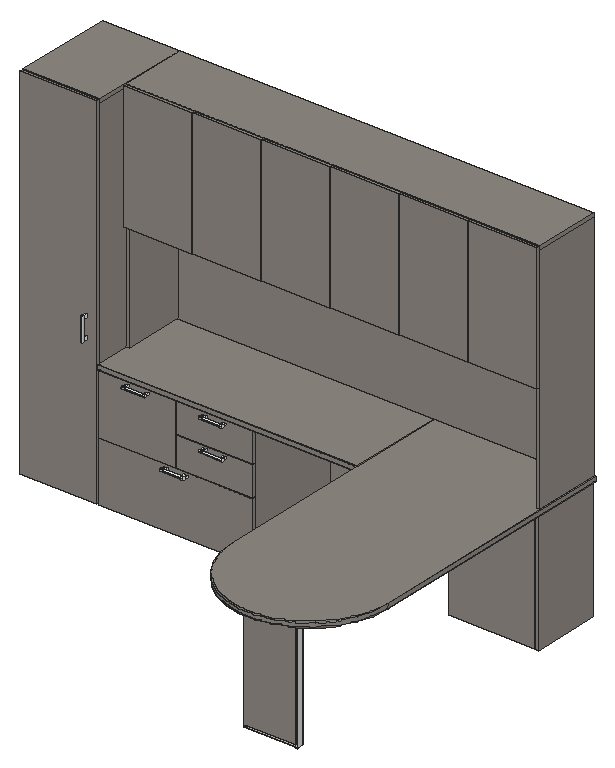
Revit family "JSI-Vision-Typical_Veneer-VSV013", category Furniture, Revit 2020 (continued)
Definition of nested family "JSI-Vision-Executive_Base"
  Forms (in)
    Extrusion 2, solid, material <- "Support Finish"
      sketch origin (0, 0, 0) x (1, 0, 0) y (0, 1, 0)
        loop
          line (3.5, -12.25) -> (3.5, -0.25)
          arc (3.5, -0.25) -> (3.4267767, -0.0732233) -> (3.25, 0) r 0.25
          line (3.25, 0) -> (-3.25, 0)
          arc (-3.25, 0) -> (-3.4267767, -0.0732233) -> (-3.5, -0.25) r 0.25
          line (-3.5, -0.25) -> (-3.5, -12.25)
          arc (-3.5, -12.25) -> (-3.4267767, -12.4267767) -> (-3.25, -12.5) r 0.25
          line (-3.25, -12.5) -> (3.25, -12.5)
          arc (3.25, -12.5) -> (3.4267767, -12.4267767) -> (3.5, -12.25) r 0.25
      from 28.1875 to 28.3125
    Extrusion 3, solid, material <- "Panel Finish"
      sketch origin (0, 0, 0) x (0, 1, 0) y (0, 0, 1)
        loop
          line (0, 28.1875) -> (-12, 28.1875) -> (-12, 0.5) -> (0, 0.5) -> (0, 28.1875)
      from -0.75 to 0.75
  Lines and regions (in)
    symbolic lines
      curve 1: line (3.5, -12.25, 0) -> (3.5, -0.25, 0)
      curve 2: arc (3.5, -0.25, 0) -> (3.4267767, -0.0732233, 0) -> (3.25, 0, 0) r 0.25
      curve 3: line (3.25, 0, 0) -> (-3.25, 0, 0)
      curve 4: arc (-3.25, 0, 0) -> (-3.4267767, -0.0732233, 0) -> (-3.5, -0.25, 0) r 0.25
      curve 5: line (-3.5, -0.25, 0) -> (-3.5, -12.25, 0)
      curve 6: arc (-3.5, -12.25, 0) -> (-3.4267767, -12.4267767, 0) -> (-3.25, -12.5, 0) r 0.25
      curve 7: line (-3.25, -12.5, 0) -> (3.25, -12.5, 0)
      curve 8: arc (3.25, -12.5, 0) -> (3.4267767, -12.4267767, 0) -> (3.5, -12.25, 0) r 0.25
      curve 9: line (0.75, -12.5, 0) -> (0.75, 0, 0)
      curve 10: line (-0.75, 0, 0) -> (-0.75, -12.5, 0)
  Dimensions and locks (in)
    "Height": plane 5 to plane 4
    equal spacing: plane 6, plane 3 "Center Left/Right", plane 7
    plane 6 to plane 7 = 7"
    "Width": plane 8 to plane 1 "Center Front/Back"
    equal spacing: plane 9, plane 3 "Center Left/Right", plane 10, locked at 0.75 each
    "Depth": plane 9 to plane 10
    locked: Sweep 1 sketch curve to plane 4 at 0.5
    locked: plane 11 to plane 5 at 0.125
    locked: Extrusion 3 to plane 4 at 0.5
    locked: Extrusion 3 to plane 8 at 0.5
    aligned and locked: level to plane 2
    aligned and locked: plane 4 to Sweep 1 sketch curve
    aligned and locked: Sweep 1 sketch curve to plane 9
    aligned and locked: Sweep 1 sketch curve to plane 10
    aligned and locked: Extrusion 2 sketch curve to plane 1 "Center Front/Back"
    aligned and locked: plane 8 to Extrusion 2 sketch curve
    aligned and locked: plane 6 to Extrusion 2 sketch curve
    aligned and locked: Extrusion 2 sketch curve to plane 7
    aligned and locked: plane 5 to Extrusion 2
    aligned and locked: plane 11 to Extrusion 2
    aligned and locked: plane 11 to Sweep 1 sketch curve
    aligned and locked: Extrusion 3 to plane 1 "Center Front/Back"
    aligned and locked: Extrusion 3 to plane 11
    aligned and locked: plane 9 to Extrusion 3
    aligned and locked: plane 10 to Extrusion 3
    aligned and locked: curve 2 to Extrusion 2
    aligned and locked: curve 4 to Extrusion 2
    aligned and locked: curve 6 to Extrusion 2
    aligned and locked: curve 8 to Extrusion 2
    aligned and locked: curve 9 to Extrusion 3
    aligned and locked: curve 10 to Extrusion 3
  Automatic sketch dimensions
    Sweep 1 sketch curve to plane 8 = 0"
    Sweep 1 sketch curve to level = 0"
    Sweep 1 sketch curve to plane 1 "Center Front/Back" = 0"
    Sweep 1 sketch curve to Sweep 1 sketch curve = 0.03036"
    Sweep 1 sketch curve to Sweep 1 sketch curve = 1/32"
    profile plane to Sweep 1 sketch curve = 1/32"  (x2)
    Extrusion 2 sketch curve to Extrusion 2 sketch curve = 1/4"  (x2)
    Extrusion 2 sketch curve to plane 6 = 1/4"
    plane 7 to Extrusion 2 sketch curve = 1/4"
    Extrusion 3 sketch curve to plane 8 = 1/2"
    Extrusion 3 sketch curve to Extrusion 3 sketch curve = 12"
    level to Extrusion 3 sketch curve = 1/2"
    plane 11 to Extrusion 3 sketch curve = 0"
Definition of nested family "JSI-Vision-Support_Rail_Work_Surface"
  Parameters (values of type "GP0243SB, Metal Support Rail for Work Surface  2W 43 L 3/4H")
    Width = 43"
    URL = "www.jsifurniture.com"
    Type Comments = ""
    Series = "Vision Casegoods"  # constant formula
    Support Finish = none
    Model = "GP0243SB"
    Material = ""
    Manufacturer = "JSI"  # constant formula
    Keynote = "12500"  # constant formula
    JSI Enviromental Website = "http://www.jsifurniture.com/jsi_sustainability_intro.php"
    Height = 25/32"
    Description = "Metal Support Rail for Work Surface  2W 43 L 3/4H"
    Depth = 2"
    Default Elevation = 0"
    Assembly Code = "E2020200"
  Types (3): name | Width | Model | Description
    GP0243SB, Metal Support Rail for Work Surface  2W 43 L 3/4H | 43" | "GP0243SB" | "Metal Support Rail for Work Surface  2W 43 L 3/4H"
    GP0249SB, Metal Support Rail for Work Surface  2W49 L 3/4H | 49" | "GP0249SB" | "Metal Support Rail for Work Surface  2W49 L 3/4H"
    GP0255SB, Metal Support Rail for Work Surface  2W 55 L 3/4H | 55" | "GP0255SB" | "Metal Support Rail for Work Surface  2W 55 L 3/4H"
  Reference planes (in)
    plane 1 "Center Front/Back": y = 0
    plane 2: z = 0
    plane 3 "Center Left/Right": x = 0
    plane 4: z = 0
    plane 5: z = 27.8122205
    plane 6: x = 43
    plane 7: y = -2
  Forms (in)
    Extrusion 1, solid, material <- "Support Finish"
      sketch origin (0, 0, 0) x (0, 1, 0) y (0, 0, 1)
        loop
          line (0, 27.7497205) -> (0, 27.8122205) -> (-0.533449, 27.8122205) -> (-1, 27.112394) -> (-1.466551, 27.8122205) -> (-2, 27.8122205) -> (-2, 27.7497205) -> (-1.5, 27.7497205) -> (-1.0404758, 27.0604342)
          arc (-1.0404758, 27.0604342) -> (-1, 27.0387722) -> (-0.9595242, 27.0604342) r 0.0486459
          line (-0.9595242, 27.0604342) -> (-0.5, 27.7497205) -> (0, 27.7497205)
      from 0 to 43
  Lines and regions (in)
    symbolic lines
      curve 1: line (0, 0, 0) -> (43, 0, 0)
      curve 2: line (0, -2, 0) -> (0, 0, 0)
      curve 3: line (43, -2, 0) -> (0, -2, 0)
      curve 4: line (43, 0, 0) -> (43, -2, 0)
      curve 5: line (0, -1.466551, 0) -> (43, -1.466551, 0)
      curve 6: line (43, -0.533449, 0) -> (0, -0.533449, 0)
      curve 7: line (0, -1, 0) -> (43, -1, 0)
  Dimensions and locks (in)
    "Width": plane 3 "Center Left/Right" to plane 6
    "Depth": plane 1 "Center Front/Back" to plane 7
    aligned and locked: level to plane 2
    aligned and locked: plane 4 to plane 2
    aligned and locked: Extrusion 1 to plane 3 "Center Left/Right"
    aligned and locked: plane 6 to Extrusion 1
    aligned and locked: plane 3 "Center Left/Right" to curve 2
    aligned and locked: curve 4 to plane 6
    aligned and locked: plane 1 "Center Front/Back" to curve 1
    aligned and locked: plane 7 to curve 3
    aligned and locked: curve 5 to Extrusion 1
    aligned and locked: curve 6 to Extrusion 1
    aligned and locked: curve 7 to Extrusion 1
  Automatic sketch dimensions
    Extrusion 1 sketch curve to plane 7 = 0"
    Extrusion 1 sketch curve to plane 5 = 0"  (x2)
    Extrusion 1 sketch curve to plane 1 "Center Front/Back" = 0"
    Extrusion 1 sketch curve to plane 5 = 1/16"  (x2)
    Extrusion 1 sketch curve to Extrusion 1 sketch curve = 1/2"
    Extrusion 1 sketch curve to Extrusion 1 sketch curve = 0.03345"  (x2)
    Extrusion 1 sketch curve to Extrusion 1 sketch curve = 0.45952"
    Extrusion 1 sketch curve to Extrusion 1 sketch curve = 0.04048"  (x2)
    Extrusion 1 sketch curve to Extrusion 1 sketch curve = 0"
    Extrusion 1 sketch curve to Extrusion 1 sketch curve = 0.53345"
    Extrusion 1 sketch curve to plane 5 = 0.69983"
    Extrusion 1 sketch curve to Extrusion 1 sketch curve = 0.02498"
    Extrusion 1 sketch curve to Extrusion 1 sketch curve = 0.02698"
Definition of nested family "JSI-Vision-Modular_Wing_End_Support"
  Parameters (values of type "Wing End Sup - Type Catalog Family")
    Width = 16"
    URL = "www.jsifurniture.com"
    Series = "Vision Casegoods"  # constant formula
    Pnl Pstn = if(L, 1/8", Width - 7/8")  # 1/8"
    Model = "Type Catalog"
    Manufacturer = "JSI"  # constant formula
    L = yes
    Keynote = "12500"  # constant formula
    JSI Enviromental website = "http://www.jsifurniture.com/jsi_sustainability_intro.php"
    Height = 28"
    Grommet Finish = none
    Description = "Type Catalog"
    Depth = 20"
    Default Elevation = 0"
    Chassis = none
    Assembly Code = "E2020200"
  Reference planes (in)
    plane 1 "Center Front/Back": y = 0
    plane 2: z = 0
    plane 3 "Center Left/Right": x = 0
    plane 4: x = 0.125
    plane 5: x = 15.875
    plane 6: x = 16
    plane 7: y = -0.1875
    plane 8: z = 28
    plane 9: x = 0.875
    plane 10: x = 15.1259985
    plane 11: y = -20
    plane 12: y = -19.8125
    plane 13: y = -0.9375
    plane 14: x = 0.125
    plane 15: x = 15.875
  Forms (in)
    Extrusion 1, solid, material <- "Chassis"
      sketch origin (0, 0, 0) x (1, 0, 0) y (0, 1, 0)
        loop
          line (0.125, -0.1875) -> (0.125, -0.9375) -> (15.875, -0.9375) -> (15.875, -0.1875) -> (0.125, -0.1875)
      from 0 to 28
    Extrusion 2, solid, material <- "Chassis"
      sketch origin (0.125, -0.1875, 48) x (0, 1, 0) y (0, 0, 1)
        loop
          line (-0.75, -20) -> (-19.625, -20) -> (-19.625, -48) -> (-0.75, -48) -> (-0.75, -20)
      from 0 to 0.75
    Extrusion 3, solid, material <- "Chassis"
      sketch origin (15.875, -0.1875, 48) x (0, 1, 0) y (0, 0, 1)
        loop
          line (-0.75, -20) -> (-4.75, -20) -> (-4.75, -48) -> (-0.75, -48) -> (-0.75, -20)
      from -0.7490015 to 0
    Extrusion 4, solid, material <- "Chassis"
      sketch origin (0, 0, 0) x (0, 1, 0) y (0, 0, 1)
        loop
          line (-0.9375, 1.75) -> (-0.9375, 2.5) -> (-2.875, 2.5) -> (-2.875, 1.75) -> (-0.9375, 1.75)
      from 0.875 to 15.1259985
  Lines and regions (in)
    symbolic lines
      curve 1: line (15.875, -0.1875, 0) -> (0.125, -0.1875, 0)
      curve 2: line (0.125, -19.8125, 0) -> (0.125, -0.1875, 0)
      curve 3: line (15.875, -0.1875, 0) -> (15.875, -4.9375, 0)
      curve 4: line (0.125, -0.9375, 0) -> (15.875, -0.9375, 0)
      curve 5: line (0.875, -0.9375, 0) -> (0.875, -19.8125, 0)
      curve 6: line (0.125, -19.8125, 0) -> (0.875, -19.8125, 0)
      curve 7: line (15.1259985, -0.9375, 0) -> (15.1259985, -4.9375, 0)
      curve 8: line (15.1259985, -4.9375, 0) -> (15.875, -4.9375, 0)
  Dimensions and locks (in)
    locked: plane 1 "Center Front/Back" to plane 7 at 0.1875
    "Height": plane 8 to level
    locked: plane 4 to plane 9 at 0.75
    locked: plane 10 to plane 5 at 0.7490015
    "Depth": plane 11 to plane 1 "Center Front/Back"
    "Width": plane 3 "Center Left/Right" to plane 6
    locked: plane 3 "Center Left/Right" to plane 14 at 0.125
    locked: plane 15 to plane 6 at 0.125
    locked: Extrusion 1 to Extrusion 4 at 0.75
    locked: Extrusion 4 to Extrusion 1 at 0.7490015
    "Pnl Pstn": plane 3 "Center Left/Right" to plane 4
    "Pnl Pstn": plane 5 to plane 6
    locked: plane 12 to plane 11 at 0.1875
    Extrusion 4 to Extrusion 4 to plane 2 = 3/4" locked, 1 3/4" locked
    locked: plane 13 to Extrusion 4 at 1.9375
    aligned and locked: level to plane 2
    aligned and locked: Extrusion 1 sketch curve to plane 7
    aligned and locked: Extrusion 2 sketch curve to level
    aligned and locked: Extrusion 3 sketch curve to plane 8
    aligned and locked: level to Extrusion 3 sketch curve
    aligned and locked: Extrusion 2 to plane 12
    aligned and locked: plane 13 to Extrusion 2
    aligned and locked: plane 9 to Extrusion 2
    aligned and locked: Extrusion 2 to plane 4
    aligned and locked: Extrusion 1 to plane 14
    aligned and locked: plane 15 to Extrusion 1
    aligned and locked: curve 6 to plane 12
    aligned and locked: plane 13 to Extrusion 4 sketch curve
    aligned and locked: plane 13 to Extrusion 3
    aligned and locked: plane 14 to curve 1
  Automatic sketch dimensions
    plane 11 to Extrusion 3 sketch curve = 15 1/16"
    Extrusion 2 sketch curve to plane 8 = 0"
    plane 12 to Extrusion 2 sketch curve = 0"
    Extrusion 1 sketch curve to plane 7 = 3/4"
    Extrusion 2 sketch curve to plane 7 = 3/4"
    Extrusion 3 sketch curve to plane 7 = 3/4"
    Extrusion 1 sketch curve to plane 4 = 0"
    plane 5 to Extrusion 1 sketch curve = 0"
    curve 7 to plane 10 = 0"
    curve 3 to plane 5 = 0"
    curve 2 to plane 4 = 0"
    curve 6 to plane 9 = 0"
    curve 1 to plane 15 = 0"
    curve 4 to plane 13 = 0"
    curve 7 to plane 13 = 0"
    curve 5 to plane 13 = 0"
    curve 2 to plane 7 = 0"
    level to Extrusion 4 sketch curve = 1 3/4"
    Extrusion 4 sketch curve to Extrusion 4 sketch curve = 3/4"
    curve 3 to curve 4 = 4"
    Extrusion 4 sketch curve to plane 13 = 1 15/16"
